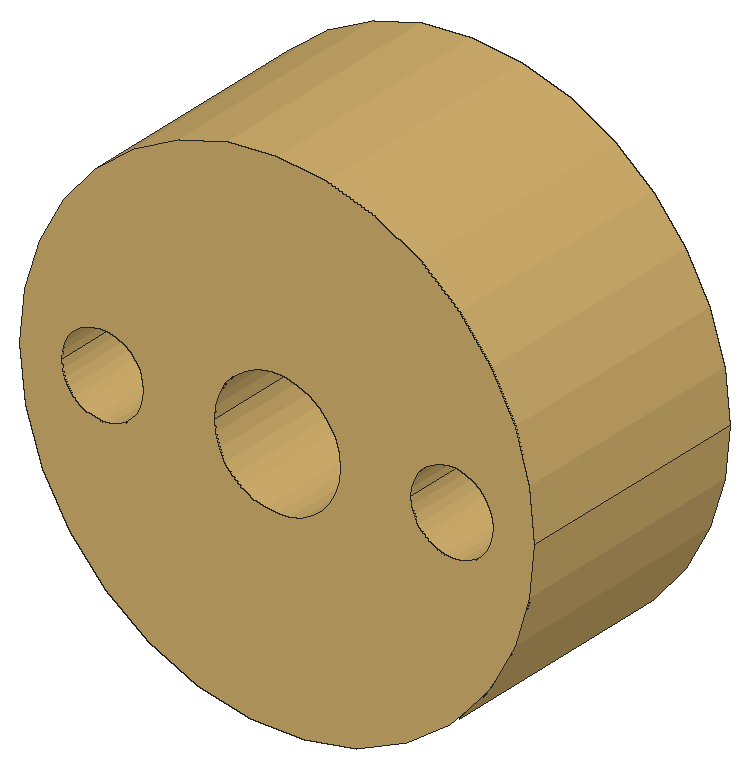
Revit family "PRD_FrankeWS_MxrTps_ExtensionSet_ACET9002", category Specialty Equipment, Revit 2018
Family settings
  Round Connector Dimension = Use Diameter
  Part Type = Normal
  OmniClass Number = 23.45.05.14.99
  OmniClass Title = Other Sanitary Washing Plumbing Fixtures
  Work Plane-Based = Yes
  Always vertical = Yes
  Cut with Voids When Loaded = No
  Shared = No
  Room Calculation Point = No
Parameters (values of type "ACET9002")
  WarrantyStartDate [instance] = "1900-12-31T23:59:59"
  WarrantyGuarantorParts = "n/a"
  WarrantyGuarantorLabor = "n/a"
  WarrantyDurationUnit = "year"
  WarrantyDurationParts = "n/a"
  WarrantyDurationLabor = "n/a"
  WarrantyDescription = "n/a"
  Version = "1"
  Uniclass2015Version = "Products v1.17"
  Uniclass2015Title = "Mixer taps"
  Uniclass2015Code = "Pr_40_20_87_55"
  URL = "www.kwc.com"
  TailorMade = "No"
  TagNumber [instance] = "n/a"
  SustainabilityPerformance = "n/a"
  Status = "New"
  Size = "n/a"
  Shape = "cylinder"
  SerialNumber [instance] = "n/a"
  Revision = "n/a"
  ReplacementCost = "n/a"
  Reference = "n/a"
  QuantityUom = "Piece"
  Quantity = "1"
  ProductInformation = "https://pim.kwc.com/product/2030044782/attachment/datasheet?locale=en"
  NominalWidth = 53 mm
  NominalLength = 53 mm
  NominalDepth = 25 mm
  NetWeight = 0.45 kg
  Name = "Extension set ACET9002"
  NBSTypeID = "n/a"
  NBSReference = "n/a"
  NBSOfficeMasterTag = "n/a"
  NBSNote = "n/a"
  NBSDescription = "n/a"
  NBSCertification = "n/a"
  ModelReference = "ACET9002"
  ModelNumber = "2030044782"
  Model = ModelReference  # "ACET9002"
  Material = "n/a"
  ManufacturerURL = "www.kwc.com"
  ManufacturerName = "KWC Group AG"  # constant formula
  Manufacturer = ManufacturerName  # "KWC Group AG"
  IntegralAccessories = "n/a"
  InstallationDate [instance] = "1900-12-31T23:59:59"
  IfcExportType = "USERDEFINED"
  IfcExportAs = "IfcSanitaryTerminal"
  GrossWeight = 0.50 kg
  Grade = "n/a"
  Finish = "n/a"
  Features = "for F5E-Therm and F3E-Therm thermostatic mixer DN 15"
  ExpectedLife = "n/a"
  DurationUnit = "year"
  Description = "Extension set for F5E-Therm and F3E-Therm thermostatic mixer DN 15, electronically controlled, for installation in walls, for depth compensation up to 25 mm."
  Default Elevation = 1219.2 mm
  CreatedOn = "04/2021"  # constant formula
  Constituents = "n/a"
  Color = "n/a"
  CodePerformance = "n/a"
  Category = "Pr_40_20_87_55, Mixer taps"
  BodyMaterial = PRD_AR_Brass
  BarCode [instance] = "n/a"
  BIMObjectName = "PRD_AR_MixerTaps_ExtensionSet_ACET9002"
  Author = "Archispace"  # constant formula
  AssetType = "Fixed"
  AssetIdentifier [instance] = "n/a"
  AccessibilityPerformance = "n/a"
Reference planes
  plane 1 "Center (Front/Back)": y = 0
  plane 2: z = 0
  plane 3 "Center (Left/Right)": x = 0
Forms (mm)
  Extrusion 1, solid, material "PRD_AR_Brass" <- "BodyMaterial", detail levels fine
    sketch origin (0, 0, 0) x (1, 0, 0) y (0, 0, 1)
      loop
        circle (0, 0) r 26.5
      loop
        circle (-18, 0) r 4.25
      loop
        circle (18, 0) r 4.25
      loop
        circle (0, 0) r 6.5
    from 0 to 25
  Extrusion 2, solid, material "PRD_AR_Brass" <- "BodyMaterial", detail levels coarse+medium
    sketch origin (0, 0, 0) x (1, 0, 0) y (0, 0, 1)
      loop
        circle (0, 0) r 26.5
    from 0 to 25
Dimensions and locks
  aligned and locked: level to plane 2
